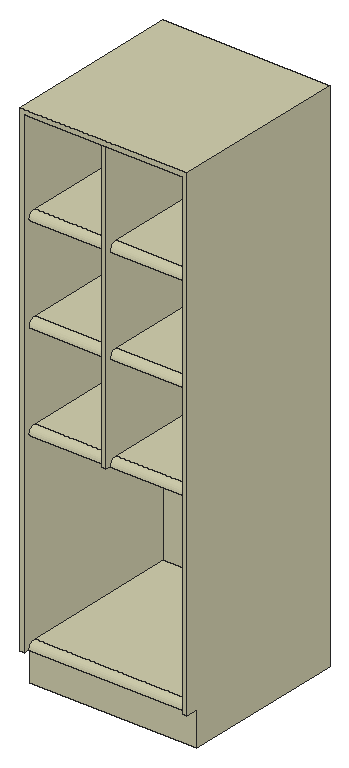
Revit family "Wenger Cabinet 06", category Furniture, Revit 2011
Parameters (values of type "Standard Cabinet #6")
  URL = "http://www.wengercorp.com/Home/Contact.html"
  Toekick Material [instance] = none
  RH End Panel [instance] = no
  Model = "06"
  Manufacturer = "Wenger Corporation"
  LH End Panel [instance] = no
  End Panel Material [instance] = none
  Edge Banding Material [instance] = none
  Door Material [instance] = none
  Description = "Standard Cabinet #6"
  Cabinet Width = 2' - 3 1/2"
  Cabinet Label = Labels : Standard
  Cabinet Height = 7' - 1 5/8"
  Cabinet Depth = 2' - 5 1/4"
  Cabinet Back Thickness = 0' - 0 3/4"
  Assembly Code = ""
Types (4): name | Model | Description | Cabinet Width | Cabinet Label | Cabinet Depth | Cabinet Back Thickness
  Standard Cabinet #6 | "06" | "Standard Cabinet #6" | 2' - 3 1/2" | Labels : Standard | 2' - 5 1/4" | 0' - 0 3/4"
  Narrow Cabinet #6 | "06N" | "Narrow Cabinet #6" | 1' - 9 1/2" | Labels : Narrow | 2' - 5 1/4" | 0' - 0 3/4"
  Narrow Acoustic Cabinet #6 | "06NA" | "Narrow Acoustic Cabinet #6" | 1' - 9 1/2" | Labels : Narrow Acoustic | 2' - 7 3/4" | 0' - 3 1/4"
  Acoustic Cabinet #6 | "06A" | "Acoustic Cabinet #6" | 2' - 3 1/2" | Labels : Acoustic | 2' - 7 3/4" | 0' - 3 1/4"
Reference planes (in)
  plane 1 "Front": y = 0
  plane 2: z = 0
  plane 3 "Left": x = 0
  plane 4 "Right": x = 27.5
  plane 5 "Back": y = 29.25
  plane 6 "Top": z = 85.625
  plane 7: z = 5.625
  plane 8: z = 21.475
  plane 9: z = 37.325
  plane 10: z = 53.175
  plane 11: z = 69.025
  plane 12: x = 0.75
  plane 13: x = 26.75
  plane 14: z = 84.875
  plane 15: x = 13.375
  plane 16: x = 14.125
  plane 17: y = 28.5
  plane 18: y = 2
  plane 19: y = 0.75
  plane 20: z = 22.6
  plane 21: z = 38.45
  plane 22: z = 54.3
  plane 23: z = 70.15
  plane 24: z = 6.75
Forms (in)
  Extrusion 1, solid, material "Wenger - Oyster"
    sketch origin (0, 0, 0) x (0, 1, 0) y (0, 0, 1)
      loop
        line (0, 85.625) -> (0, 5.625) -> (2, 5.625) -> (2, 0) -> (29.25, 0) -> (29.25, 85.625) -> (0, 85.625)
    from 0 to 27.5
  Extrusion 2, void
    sketch origin (0, 0, 0) x (0, 1, 0) y (0, 0, 1)
      loop
        line (-5.5, 84.875) -> (-5.5, 37.325) -> (0.75, 37.325)
        arc (0.75, 37.325) -> (1.18296, 38.10088) -> (2, 38.45) r 1.375
        line (2, 38.45) -> (28.5, 38.45) -> (28.5, 53.175) -> (0.75, 53.175)
        arc (0.75, 53.175) -> (1.18296, 53.95088) -> (2, 54.3) r 1.375
        line (2, 54.3) -> (28.5, 54.3) -> (28.5, 69.025) -> (0.75, 69.025)
        arc (0.75, 69.025) -> (1.18296, 69.80088) -> (2, 70.15) r 1.375
        line (2, 70.15) -> (28.5, 70.15) -> (28.5, 84.875) -> (-5.5, 84.875)
    from 0.75 to 13.375
  Extrusion 3, void
    sketch origin (0, 0, 0) x (0, 1, 0) y (0, 0, 1)
      loop
        line (-5.5, 84.875) -> (-5.5, 37.325) -> (0.75, 37.325)
        arc (0.75, 37.325) -> (1.18296, 38.10088) -> (2, 38.45) r 1.375
        line (2, 38.45) -> (28.5, 38.45) -> (28.5, 53.175) -> (0.75, 53.175)
        arc (0.75, 53.175) -> (1.18296, 53.95088) -> (2, 54.3) r 1.375
        line (2, 54.3) -> (28.5, 54.3) -> (28.5, 69.025) -> (0.75, 69.025)
        arc (0.75, 69.025) -> (1.18296, 69.80088) -> (2, 70.15) r 1.375
        line (2, 70.15) -> (28.5, 70.15) -> (28.5, 84.875) -> (-5.5, 84.875)
    from 14.125 to 26.75
  Extrusion 4, void
    sketch origin (0, 0, 0) x (0, 1, 0) y (0, 0, 1)
      loop
        line (0, 84.875) -> (0, 5.625) -> (0.0625, 5.625) -> (0.0625, 84.875) -> (0, 84.875)
    from 0.75 to 26.75
  Extrusion 5, void
    sketch origin (0, 0, 0) x (0, 1, 0) y (0, 0, 1)
      loop
        arc (0.75, 5.625) -> (1.22263, 6.43197) -> (2.10208, 6.75) r 1.375
        line (2.10208, 6.75) -> (28.5, 6.75) -> (28.5, 37.325) -> (-13.14123, 37.325) -> (-13.14123, 5.625) -> (0.75, 5.625)
    from 0.75 to 26.75
Cuts and joins
  Extrusion 2, Extrusion 3, Extrusion 4, Extrusion 5 cuts Extrusion 1
Lines and regions (in)
  symbolic lines
    curve 1: line (0, 29.25, 0) -> (27.5, 29.25, 0)
    curve 2: line (0, 0, 0) -> (0, 29.25, 0)
    curve 3: line (27.5, 0, 0) -> (0, 0, 0)
    curve 4: line (27.5, 29.25, 0) -> (27.5, 0, 0)
Dimensions and locks (in)
  locked: plane 3 "Left" to plane 12 at 0.75
  locked: plane 15 to plane 16 at 0.75
  locked: plane 13 to plane 4 "Right" at 0.75
  "Cabinet Back Thickness": plane 5 "Back" to plane 17
  locked: plane 1 "Front" to plane 19 at 0.75
  locked: plane 1 "Front" to plane 18 at 2
  locked: plane 20 to plane 8 at 1.125
  locked: plane 21 to plane 9 at 1.125
  locked: plane 22 to plane 10 at 1.125
  locked: plane 23 to plane 11 at 1.125
  locked: plane 6 "Top" to plane 14 at 0.75
  equal spacing: plane 14, plane 11, plane 10, plane 9, plane 8, plane 7
  locked: plane 24 to plane 7 at 1.125
  equal spacing: plane 13, plane 15, plane 3 "Left"
  "Cabinet Width": plane 3 "Left" to plane 4 "Right"
  locked: plane 7 to level at 5.625
  "Cabinet Height": plane 6 "Top" to level
  "Cabinet Depth": plane 1 "Front" to plane 5 "Back"
  plane 12 to plane 13 = 2' - 2"
  plane 14 to plane 7 = 6' - 7 1/4"
  aligned and locked: Extrusion 1 sketch curve to plane 6 "Top"
  aligned and locked: Extrusion 1 sketch curve to plane 5 "Back"
  aligned and locked: Extrusion 1 sketch curve to plane 1 "Front"
  aligned and locked: Extrusion 1 sketch curve to plane 7
  aligned and locked: Extrusion 1 sketch curve to plane 18
  aligned and locked: Extrusion 1 sketch curve to level
  aligned and locked: Extrusion 1 to plane 4 "Right"
  aligned and locked: Extrusion 1 to plane 3 "Left"
  aligned and locked: Extrusion 2 sketch curve to plane 14
  aligned and locked: Extrusion 2 sketch curve to plane 17
  aligned and locked: Extrusion 2 sketch curve to plane 11
  aligned and locked: Extrusion 2 sketch curve to plane 22
  aligned and locked: Extrusion 2 sketch curve to plane 10
  aligned and locked: Extrusion 2 sketch curve to plane 21
  aligned and locked: Extrusion 2 sketch curve to plane 9
  aligned and locked: Extrusion 2 sketch curve to plane 23
  aligned and locked: Extrusion 2 to plane 12
  aligned and locked: plane 15 to Extrusion 2
  aligned and locked: Extrusion 3 to plane 13
  aligned and locked: Extrusion 4 sketch curve to cut or joined group of Extrusion 1, Extrusion 2, Extrusion 3, Extrusion 4, Extrusion 5  (x3)
  aligned and locked: Extrusion 4 to plane 13
  aligned and locked: Extrusion 4 to plane 12
  aligned and locked: plane 3 "Left" to curve 2
  aligned and locked: curve 1 to plane 5 "Back"
  aligned and locked: plane 4 "Right" to curve 4
  aligned and locked: curve 3 to plane 1 "Front"
  aligned and locked: Extrusion 3 to plane 16
  aligned and locked: plane 7 to Extrusion 5 sketch curve
  aligned and locked: plane 24 to Extrusion 5 sketch curve
  aligned and locked: Extrusion 5 sketch curve to plane 17
  aligned and locked: Extrusion 5 sketch curve to plane 9
  aligned and locked: Extrusion 5 to plane 13
  aligned and locked: Extrusion 5 to plane 12
Automatic sketch dimensions
  Extrusion 2 sketch curve to plane 19 = 0' - 0"  (x3)
  Extrusion 2 sketch curve to plane 18 = 0' - 0"  (x3)
  Extrusion 2 sketch curve to plane 17 = 0' - 0"  (x2)
  plane 1 "Front" to Extrusion 2 sketch curve = 0' - 5 1/2"
  Extrusion 2 sketch curve to plane 18 = 0' - 0.10279"  (x3)
  Extrusion 3 sketch curve to plane 14 = 0' - 0"
  Extrusion 3 sketch curve to plane 11 = 0' - 0"
  Extrusion 3 sketch curve to plane 19 = 0' - 0"  (x3)
  Extrusion 3 sketch curve to plane 10 = 0' - 0"
  Extrusion 3 sketch curve to plane 18 = 0' - 0"  (x3)
  Extrusion 3 sketch curve to plane 17 = 0' - 0"  (x3)
  Extrusion 3 sketch curve to plane 21 = 0' - 0"
  Extrusion 3 sketch curve to plane 22 = 0' - 0"
  Extrusion 3 sketch curve to plane 23 = 0' - 0"
  plane 1 "Front" to Extrusion 3 sketch curve = 0' - 5 1/2"
  Extrusion 3 sketch curve to plane 18 = 0' - 0.10279"  (x3)
  plane 19 to Extrusion 4 sketch curve = 0' - 0 11/16"
  Extrusion 3 sketch curve to plane 9 = 0' - 0"
  Extrusion 5 sketch curve to plane 1 "Front" = 0' - 2.10208"
  Extrusion 5 sketch curve to Extrusion 5 sketch curve = 0' - 1.35208"
  plane 1 "Front" to Extrusion 5 sketch curve = 1' - 1.14123"
Nested families (in)
  nested 1: "LH End Panel" at (0, 14.25, 0) x (0, -1, 0) z (0, 0, 1), End Panel Material <- "End Panel Material", visible <- "LH End Panel", Edge Banding Material <- "Edge Banding Material", type "20x84 LH"
    with End Panel Material none, Edge Banding Material none, End Panel Depth 2' - 5 1/4"
  nested 2: "RH End Panel" at (28.25, 14.25, 0) x (0, -1, 0) z (0, 0, 1), End Panel Material <- "End Panel Material", visible <- "RH End Panel", Edge Banding Material <- "Edge Banding Material", type "20x84 RH"
    with End Panel Material none, Edge Banding Material none, End Panel Depth 2' - 5 1/4"
  nested 3: "Labels" at (11.125, 14.28125, 0), type <- "Cabinet Label", type "Standard"
  nested 4: "Front Note" at (11.08144, 0.75, 0), type "Front Note", detail levels medium+fine
Definition of nested family "LH End Panel"
  Parameters (values of type "20x84 LH")
    End Panel Material [instance] = none
    End Panel Height = 7' - 1 5/8"
    End Panel Depth = 1' - 7 1/4"
    Edge Banding Material [instance] = none
    Default Elevation = 4' - 0"
    Assembly Code = ""
  Reference planes (in)
    plane 1 "Center (Front/Back)": y = 0
    plane 2: z = 0
    plane 3 "Center (Left/Right)": x = 0
    plane 4: x = -15
    plane 5: x = 4.25
    plane 6: z = 5.625
    plane 7: x = 2.25
    plane 8: z = 85.625
    plane 9: y = -0.75
  Forms (in)
    Extrusion 1, solid, material <- "End Panel Material"
      sketch origin (0, 0, 0) x (1, 0, 0) y (0, 0, 1)
        loop
          line (-15, 85.625) -> (-15, 0) -> (2.25, 0) -> (2.25, 5.625) -> (4.25, 5.625) -> (4.25, 85.625) -> (-15, 85.625)
      from 0 to 0.75
  Dimensions and locks (in)
    locked: plane 7 to plane 5 at 2
    locked: plane 6 to level at 5.625
    "End Panel Height": plane 8 to level
    "End Panel Depth": plane 5 to plane 4
    locked: plane 9 to plane 1 "Center (Front/Back)" at 0.75
    aligned and locked: plane 4 to Extrusion 1 sketch curve
    aligned and locked: level to Extrusion 1 sketch curve
    aligned and locked: plane 7 to Extrusion 1 sketch curve
    aligned and locked: plane 6 to Extrusion 1 sketch curve
    aligned and locked: Extrusion 1 sketch curve to plane 5
    aligned and locked: Extrusion 1 sketch curve to plane 8
    aligned and locked: Extrusion 1 to plane 9
    aligned and locked: Extrusion 1 to plane 1 "Center (Front/Back)"
Definition of nested family "RH End Panel"
  Parameters (values of type "20x84 RH")
    End Panel Material [instance] = none
    End Panel Height = 7' - 1 5/8"
    End Panel Depth = 1' - 7 1/4"
    Edge Banding Material [instance] = none
    Default Elevation = 4' - 0"
    Assembly Code = ""
  Reference planes (in)
    plane 1 "Center (Front/Back)": y = 0
    plane 2: z = 0
    plane 3 "Center (Left/Right)": x = 0
    plane 4: x = -15
    plane 5: x = 4.25
    plane 6: z = 5.625
    plane 7: x = 2.25
    plane 8: z = 85.625
    plane 9: y = -0.75
  Forms (in)
    Extrusion 1, solid, material <- "End Panel Material"
      sketch origin (0, 0, 0) x (1, 0, 0) y (0, 0, 1)
        loop
          line (-15, 85.625) -> (-15, 0) -> (2.25, 0) -> (2.25, 5.625) -> (4.25, 5.625) -> (4.25, 85.625) -> (-15, 85.625)
      from 0 to 0.75
  Dimensions and locks (in)
    locked: plane 7 to plane 5 at 2
    locked: plane 6 to level at 5.625
    "End Panel Height": plane 8 to level
    "End Panel Depth": plane 5 to plane 4
    locked: plane 9 to plane 1 "Center (Front/Back)" at 0.75
    aligned and locked: plane 4 to Extrusion 1 sketch curve
    aligned and locked: level to Extrusion 1 sketch curve
    aligned and locked: plane 7 to Extrusion 1 sketch curve
    aligned and locked: plane 6 to Extrusion 1 sketch curve
    aligned and locked: Extrusion 1 sketch curve to plane 5
    aligned and locked: Extrusion 1 sketch curve to plane 8
    aligned and locked: Extrusion 1 to plane 9
    aligned and locked: Extrusion 1 to plane 1 "Center (Front/Back)"
Definition of nested family "Labels"
  Parameters (values of type "Standard")
    Cabinet Label = "01"
  Types (4): name | Cabinet Label
    Standard | "01"
    Narrow | "01N"
    Narrow Acoustic | "01NA"
    Acoustic | "01A"
  Reference planes (in)
    plane 1: y = 0
    plane 2: x = 0
  Text (in)
    label "xxxx" at (-0.00018, 0.00754, 0), shows "Cabinet Label"
Definition of nested family "Front Note"
  Parameters (values of type "Front Note")
    Cabinet Label = "Front"
  Reference planes (in)
    plane 1: y = 0
    plane 2: x = 0
  Text (in)
    label "Front" at (-0.00018, 0.00754, 0), shows "Cabinet Label"
